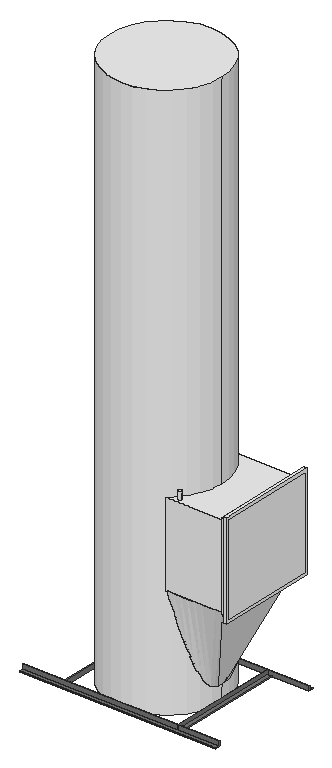
Revit family "Trash_Chute_Chutes", category Specialty Equipment, Revit 2026
Family settings
  Round Connector Dimension = Use Diameter
  Part Type = Normal
  Classification Number = 23.70.30.21.21
  Work Plane-Based = No
  Enable Cutting in Views = No
  Always vertical = Yes
  Cut with Voids When Loaded = No
  Maintain Annotation Orientation = No
  Shared = No
  Room Calculation Point = No
Parameters
  Warranty Duration (Years) = 0
  URL = "http://www.chutes.com/"
  Specification = "http://www.arcat.com/sdspecs/htm/14560chu.htm"
  SpecWizard = ""
  Send Message = "http://www.arcat.com/users.pl?action=UserEmail&company=CHUTES%20International&coid=31437&rep=103&fax=301-753-4108&mf="
  Sales Information = "http://www.chutes.com/index.cfm?fuseaction=main.quote"
  Revision = "R1_10-2010"
  Product Properties = "http://www.arcat.com/bim/bim_info.pl?fn=Chutes"
  Product Data = "http://www.arcat.com/arcatcos/cos31/arc31437.html"
  Model = "As Specified in 14 91 00"
  Material = Aluminized Steel - Chutes
  Manufacturer Website = "http://www.chutes.com/"
  Manufacturer Phone - Toll Free = "800-88-CHUTE"
  Manufacturer Phone = "301-753-4100"
  Manufacturer Fax = "301-753-4108"
  Manufacturer Address = "4400 Austin Lane, White Plains, MD 20695"
  Manufacturer = "CHUTES International"
  Maintenance Schedule (Months) = 0
  Keynote = "14 91 00"
  Installation-Fabrication = "http://www.chutes.com/store/index.cfm?category=2"
  Installation Phase = ""
  Has Vent Top [instance] = no
  Has Sprinkler Head [instance] = yes
  Has Discharge Chute & Door [instance] = no
  Green Building-LEED = "http://www.arcat.com/green/clients/leed_data_31437.html"
  Floor to Floor Height [instance] = 120"
  Floor Plate Size = Diameter + 9"  # 33"
  Expected Lifespan (Years) = 0
  Drawn By = "Sumex Design, Inc. / Robert S. Weygant, CSI, CDT, SCIP"
  Door Width = 21"
  Door Height = 18"
  Discharge Width = 24"
  Discharge Length = 30"
  Discharge Door Offset Below Level Above [instance] = 48"
  Diameter = 24"
  Description = "Chute as Specified in 14 91 00"
  Default Elevation = 0"
  Copyright = "©Arcat Inc."
  Construction Details = "http://www.arcat.com/details/chutes/chutes.html?coid=31437"
  Chute Radius = Diameter * 0.5  # 12"
  Assembly Code = "D1090500"
Reference planes (in)
  plane 1 "Center (Front/Back)": y = 0
  plane 2 "Bottom": z = 0
  plane 3 "Center (Left/Right)": x = -0.05039
  plane 4 "Top": z = 120
  plane 5 "General Ref 1": z = 42
  plane 6 "General Ref 2": z = 24
  plane 7 "General Ref 8": y = -10.5
  plane 8 "General Ref 7": y = 10.5
  plane 9 "General Ref 5": x = -16.55039
  plane 10 "General Ref 4": x = 16.44961
  plane 11 "General Ref 6": y = 16.5
  plane 12 "General Ref 9": y = -16.5
  plane 13 "General Ref 3": x = 21.43411
  plane 14 "BO Discharge Door": z = -48
  plane 15 "Cap Ref": z = 156
Forms (in)
  Extrusion 1, solid, material "Aluminized Steel - Chutes" <- "Material"
    sketch origin (0, 0, 0) x (1, 0, 0) y (0, 1, 0)
      loop
        circle (-0.05039, 0) r 12
    from 0 to 120
  Extrusion 2, solid, material "Aluminized Steel - Chutes" <- "Material"
    sketch origin (-0.05039, 0, 0) x (0, 1, 0) y (0, 0, 1)
      loop
        line (-9.5, 42) -> (-9.5, 24) -> (9.5, 24) -> (9.5, 42) -> (-9.5, 42)
    from 0 to 19.74806
  Blend 3, solid, material "Aluminized Steel - Chutes" <- "Material"
    base sketch origin (1.75, 0, 24) x (-1, 0, 0) y (0, -1, 0)
      loop
        line (-10.05188, 0.64269) -> (-10.05188, -0.64269)
        arc (-10.05188, -0.64269) -> (-8.87713, -3.61915) -> (-5.9862, -4.99096) r 4.35809
        line (-5.9862, -4.99096) -> (-5.9862, 4.99096)
        arc (-5.9862, 4.99096) -> (-8.87713, 3.61915) -> (-10.05188, 0.64269) r 4.35809
    top sketch origin (1.75, 0, 24) x (-1, 0, 0) y (0, -1, 0)
      loop
        line (-6.03658, 9.5) -> (-17.85227, 9.5) -> (-17.85227, -9.5) -> (-6.03658, -9.5) -> (-6.03658, 9.5)
    from -20.82932 to 0
  Extrusion 4, solid, material "Aluminized Steel - Chutes" <- "Material"
    sketch origin (-0.05039, 0, 0.4375) x (0, 1, 0) y (0, 0, 1)
      loop
        line (-10.75, 43.08915) -> (-10.75, 22.58576) -> (10.75, 22.58576) -> (10.75, 43.08915) -> (-10.75, 43.08915)
      loop
        line (-10.5, 23.08576) -> (10.5, 23.08576) -> (10.5, 42.58915) -> (-10.5, 42.58915) -> (-10.5, 23.08576)
      loop
        line (10.4375, 23.14826) -> (10.4375, 42.52665) -> (-10.4375, 42.52665) -> (-10.4375, 23.14826) -> (10.4375, 23.14826)
    from 20.94186 to 21.4845
  Extrusion 5, solid, material "Aluminized Steel - Chutes" <- "Material"
    sketch origin (-0.05039, 0, 0.4375) x (0, 1, 0) y (0, 0, 1)
      loop
        line (-9.77326, 41.99661) -> (-9.77326, 23.5625) -> (9.77326, 23.5625) -> (9.77326, 41.99661) -> (-9.77326, 41.99661)
    from 19.74806 to 20.94186
  Revolve 6, solid, material "Aluminized Steel - Chutes" <- "Material", visible <- "Has Vent Top"
    sketch origin (0, 0, 0) x (1, 0, 0) y (0, 0, 1)
      loop
        line (-0.05039, 156) -> (-0.05039, 153.75194) -> (-0.05039, 120) -> (11.94961, 120) -> (11.94961, 154.5) -> (13.29457, 154.5) -> (13.29457, 156) -> (-0.05039, 156)
      axis (-0.05039, 120) -> (-0.05039, 156)
    angle from 0 to 360
  Extrusion 7, solid, material "Aluminized Steel - Chutes" <- "Material", visible <- "Has Discharge Chute & Door"
    sketch origin (0, 0, 0) x (1, 0, 0) y (0, 1, 0)
      loop
        circle (-0.05039, 0) r 12
    from -42 to 0
  Extrusion 8, solid, material "Aluminized Steel - Chutes" <- "Material", visible <- "Has Discharge Chute & Door"
    sketch origin (0, 0, -48) x (0, -1, 0) y (1, 0, 0)
      loop
        line (-12, -13.29457) -> (12, -13.29457) -> (12, 16.70543) -> (-12, 16.70543) -> (-12, -13.29457)
    from 0 to 6
  Extrusion 9, solid, material "Aluminized Steel - Chutes" <- "Material", visible <- "Has Sprinkler Head"
    sketch origin (0, 0, 0) x (1, 0, 0) y (0, 1, 0)
      loop
        circle (9.69961, -8.5) r 0.375
    from 42 to 43.52665
  Extrusion 10, solid, material "Aluminized Steel - Chutes" <- "Material", visible <- "Has Vent Top"
    sketch origin (0, 0, 156) x (-1, 0, 0) y (0, -1, 0)
      loop
        circle (0.05039, 0) r 0.375
    from 0 to 1.5
Cuts and joins
  joined: Extrusion 1, Extrusion 2, Blend 3
Dimensions and locks (in)
  locked: level to plane 5 "General Ref 1" at 42
  "Door Height": plane 5 "General Ref 1" to plane 6 "General Ref 2"
  equal spacing: plane 7 "General Ref 8", plane 1 "Center (Front/Back)", plane 8 "General Ref 7"
  "Door Width": plane 7 "General Ref 8" to plane 8 "General Ref 7"
  equal spacing: plane 9 "General Ref 5", plane 3 "Center (Left/Right)", plane 10 "General Ref 4"
  equal spacing: plane 11 "General Ref 6", plane 1 "Center (Front/Back)", plane 12 "General Ref 9"
  "Floor Plate Size": plane 11 "General Ref 6" to plane 12 "General Ref 9"
  "Floor Plate Size": plane 9 "General Ref 5" to plane 10 "General Ref 4"
  locked: plane 10 "General Ref 4" to plane 13 "General Ref 3" at 4.9845
  Extrusion 5 to Extrusion 4 to plane 13 "General Ref 3" = 1.1938" locked, 0.54264" locked
  locked: Blend 3 to level at 3.17068
  "Chute Radius": Revolve 6 sketch curve to plane 3 "Center (Left/Right)"
  locked: Revolve 6 sketch curve to plane 4 "Top" at 36
  "Discharge Door Offset Below Level Above": plane 2 "Bottom" to plane 14 "BO Discharge Door"
  "Floor to Floor Height": plane 4 "Top" to plane 2 "Bottom"
  locked: Extrusion 8 to plane 14 "BO Discharge Door" at 6
  locked: plane 9 "General Ref 5" to Extrusion 8 at 3.25581
  "Discharge Length": Extrusion 8 to Extrusion 8
  equal spacing: Extrusion 8, plane 1 "Center (Front/Back)", Extrusion 8
  "Discharge Width": Extrusion 8 to Extrusion 8
  locked: plane 15 "Cap Ref" to plane 4 "Top" at 36
  locked: Extrusion 10 to plane 15 "Cap Ref" at 1.5
  "Chute Radius": radius of Extrusion 1 sketch curve
  "Chute Radius": radius of Extrusion 7 sketch curve
  aligned and locked: plane 4 "Top" to Extrusion 1
  aligned and locked: plane 2 "Bottom" to level
  aligned and locked: Extrusion 4 to plane 13 "General Ref 3"
  aligned and locked: Extrusion 5 to Extrusion 4
  aligned and locked: Extrusion 2 to Extrusion 5
  aligned and locked: plane 3 "Center (Left/Right)" to Revolve 6 sketch curve
  aligned and locked: Extrusion 7 to Extrusion 8
  aligned and locked: nested 1 to plane 3 "Center (Left/Right)"
  aligned and locked: nested 1 to plane 1 "Center (Front/Back)"
  aligned and locked: Extrusion 9 to Extrusion 4
  aligned and locked: Extrusion 9 to cut or joined group of Extrusion 1, Extrusion 2, Blend 3
  aligned and locked: Extrusion 10 to plane 15 "Cap Ref"
Automatic sketch dimensions
  Extrusion 1 sketch curve to plane 1 "Center (Front/Back)" = 0"
  Extrusion 1 sketch curve to plane 3 "Center (Left/Right)" = 0"
  Extrusion 2 sketch curve to plane 6 "General Ref 2" = 0"
  Extrusion 2 sketch curve to plane 5 "General Ref 1" = 0"
  plane 7 "General Ref 8" to Extrusion 2 sketch curve = 1"
  plane 8 "General Ref 7" to Extrusion 2 sketch curve = 1"
  Blend 3 sketch curve to plane 1 "Center (Front/Back)" = 0.64269"
  Blend 3 sketch curve to plane 10 "General Ref 4" = 4.64773"
  Blend 3 sketch curve to Blend 3 sketch curve = 4.06568"
  Blend 3 sketch curve to Blend 3 sketch curve = 4.35809"
  plane 1 "Center (Front/Back)" to Blend 3 sketch curve = 0.64269"
  Blend 3 sketch curve to Blend 3 sketch curve = 0"
  plane 13 "General Ref 3" to Blend 3 sketch curve = 1.83184"
  plane 8 "General Ref 7" to Blend 3 sketch curve = 1"
  plane 3 "Center (Left/Right)" to Blend 3 sketch curve = 7.83697"
  plane 7 "General Ref 8" to Blend 3 sketch curve = 1"
  Extrusion 4 sketch curve to plane 7 "General Ref 8" = 0"
  Extrusion 4 sketch curve to plane 8 "General Ref 7" = 0"
  Extrusion 4 sketch curve to plane 7 "General Ref 8" = 1/4"
  plane 7 "General Ref 8" to Extrusion 4 sketch curve = 1/16"
  plane 8 "General Ref 7" to Extrusion 4 sketch curve = 1/16"
  Extrusion 4 sketch curve to plane 8 "General Ref 7" = 1/4"
  Extrusion 4 sketch curve to plane 6 "General Ref 2" = 0.97674"
  Extrusion 4 sketch curve to plane 6 "General Ref 2" = 0.47674"
  Extrusion 4 sketch curve to Extrusion 4 sketch curve = 1/16"  (x2)
  plane 5 "General Ref 1" to Extrusion 4 sketch curve = 0.96415"
  Extrusion 4 sketch curve to Extrusion 4 sketch curve = 1/2"
  Extrusion 5 sketch curve to plane 6 "General Ref 2" = 0"
  plane 7 "General Ref 8" to Extrusion 5 sketch curve = 0.72674"
  plane 8 "General Ref 7" to Extrusion 5 sketch curve = 0.72674"
  plane 5 "General Ref 1" to Extrusion 5 sketch curve = 0.43411"
  Revolve 6 sketch curve to plane 3 "Center (Left/Right)" = 0"
  Revolve 6 sketch curve to plane 4 "Top" = 0"
  Revolve 6 sketch curve to Revolve 6 sketch curve = 1.34496"
  Revolve 6 sketch curve to Revolve 6 sketch curve = 20"
  Revolve 6 sketch curve to Revolve 6 sketch curve = 2.24806"
  Revolve 6 sketch curve to Revolve 6 sketch curve = 1 1/2"
  Revolve 6 sketch curve to Revolve 6 sketch curve = 6"
  Extrusion 7 sketch curve to plane 1 "Center (Front/Back)" = 0"
  Extrusion 7 sketch curve to plane 3 "Center (Left/Right)" = 0"
  plane 10 "General Ref 4" to Extrusion 8 sketch curve = 0.25581"
  Extrusion 8 sketch curve to plane 8 "General Ref 7" = 1 1/2"
  Extrusion 8 sketch curve to plane 7 "General Ref 8" = 1 1/2"
  plane 9 "General Ref 5" to Extrusion 8 sketch curve = 3.25581"
  plane 7 "General Ref 8" to Extrusion 9 sketch curve = 2"
  Extrusion 9 sketch curve to plane 10 "General Ref 4" = 6 3/4"
  Extrusion 10 sketch curve to plane 3 "Center (Left/Right)" = 0"
  plane 7 "General Ref 8" to Extrusion 10 sketch curve = 10 1/2"
  radius of Extrusion 9 sketch curve = 3/8"
  radius of Extrusion 10 sketch curve = 3/8"
Nested families (in)
  nested 1: "Chute_Bracket" at (-12.05039, -0.7377, 0) x (0, 1, 0) z (0, 0, 1), type "Chute_Bracket"
    with Width 24", Depth 24"
Connectors (in)
  piping at (9.69961, -8.5, 43.52665), diameter 0.75
    settings: on Extrusion 9, index 1, connector inside diameter 3/4", connector length 0", flow factor 0, pipe flow 0 GPM, pressure drop 0.00 psi, fitting loss kfactor 0, connector angle 0.00°, fixture units 0, engagement length 0", angle of deflection 0.00°, flow configuration 0, flow direction 2, fitting loss method 0, system type 23, joint type 0, gender type 0, connector reference index -1, connector utility 0, adjustable connector no, is connector primary yes, connector description "Sprinkler Head"
  piping at (-0.05039, 0, 157.5), diameter 0.75
    settings: on Extrusion 10, index 2, connector inside diameter 3/4", connector length 0", flow factor 0, pipe flow 0 GPM, pressure drop 0.00 psi, fitting loss kfactor 0, connector angle 0.00°, fixture units 0, engagement length 0", angle of deflection 0.00°, flow configuration 0, flow direction 2, fitting loss method 0, system type 23, joint type 0, gender type 0, connector reference index -1, connector utility 0, adjustable connector no, is connector primary no, connector description ""
Definition of nested family "Chute_Bracket"
  Parameters
    Width = 36"
    Material = none
    Depth = 36"
    Default Elevation = 0"
  Reference planes (in)
    plane 1 "Back": y = 0
    plane 2: z = 0
    plane 3 "Center (Left/Right)": x = 0.7377
    plane 4 "Left": x = -17.2623
    plane 5 "Right": x = 18.7377
    plane 6 "Front": y = -36
    plane 7 "Top": z = 36
    plane 8 "Center (Front/Back)": y = -18
    plane 9 "General Ref 1": y = 9
    plane 10 "General Ref 2": y = -45
  Forms (in)
    Sweep 1, solid, material <- "Material"
      path origin (0, 0, 0) x (1, 0, 0) y (0, 1, 0)
        loop
          line (-17.2623, -45) -> (-17.2623, 9)
      profile "PR-Angle Iron from Edge : PR-Rectangle" origin (-17.2623, -18, 0) x (-1, 0, 0) y (0, 0, 1)
        loop
          line (0, 1) -> (0, 0) -> (1, 0) -> (1, 0.125) -> (0.125, 0.125) -> (0.125, 1) -> (0, 1)
    Sweep 2, solid, material <- "Material"
      path origin (1.47541, 0, 0) x (-1, 0, 0) y (0, 1, 0)
        loop
          line (-17.2623, -45) -> (-17.2623, 9)
      profile "PR-Angle Iron from Edge : PR-Rectangle" origin (18.7377, -18, 0) x (-1, 0, 0) y (0, 0, 1)
        loop
          line (0, 1) -> (-0.125, 1) -> (-0.125, 0.125) -> (-1, 0.125) -> (-1, 0) -> (0, 0) -> (0, 1)
    Sweep 3, solid, material <- "Material"
      path origin (-17.2623, -18.7377, 0) x (0, 1, 0) y (-1, 0, 0)
        loop
          line (-17.2623, -36) -> (-17.2623, 0)
      profile "PR-Angle Iron from Edge : PR-Rectangle" origin (0.7377, -36, 0) x (0, -1, 0) y (0, 0, 1)
        loop
          line (0, 1) -> (0, 0) -> (1, 0) -> (1, 0.125) -> (0.125, 0.125) -> (0.125, 1) -> (0, 1)
    Sweep 4, solid, material <- "Material"
      path origin (-17.2623, -17.2623, 0) x (0, -1, 0) y (1, 0, 0)
        loop
          line (-17.2623, 36) -> (-17.2623, 0)
      profile "PR-Angle Iron from Edge : PR-Rectangle" origin (0.7377, 0, 0) x (0, -1, 0) y (0, 0, 1)
        loop
          line (0, 1) -> (-0.125, 1) -> (-0.125, 0.125) -> (-1, 0.125) -> (-1, 0) -> (0, 0) -> (0, 1)
  Dimensions and locks (in)
    "Depth": plane 6 "Front" to plane 1 "Back"
    "Width": plane 4 "Left" to plane 5 "Right"
    equal spacing: plane 4 "Left", plane 3 "Center (Left/Right)", plane 5 "Right"
    level to plane 7 "Top" = 36"
    equal spacing: plane 6 "Front", plane 8 "Center (Front/Back)", plane 1 "Back"
    locked: plane 1 "Back" to plane 9 "General Ref 1" at 9
    locked: plane 10 "General Ref 2" to plane 6 "Front" at 9
  Automatic sketch dimensions
    Sweep 3 sketch curve to plane 4 "Left" = 0"
    Sweep 3 sketch curve to plane 6 "Front" = 0"
    Sweep 3 sketch curve to plane 5 "Right" = 0"
    Sweep 4 sketch curve to plane 1 "Back" = 0"
    Sweep 4 sketch curve to plane 4 "Left" = 0"
    Sweep 4 sketch curve to plane 5 "Right" = 0"
    Sweep 1 sketch curve to plane 4 "Left" = 0"
    Sweep 1 sketch curve to plane 10 "General Ref 2" = 0"
    Sweep 1 sketch curve to plane 9 "General Ref 1" = 0"
    Sweep 2 sketch curve to plane 5 "Right" = 0"
    Sweep 2 sketch curve to plane 10 "General Ref 2" = 0"
    Sweep 2 sketch curve to plane 9 "General Ref 1" = 0"
